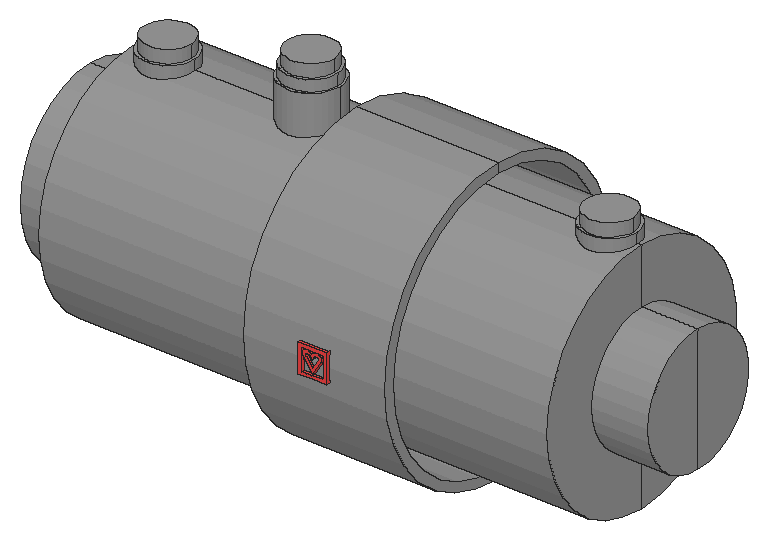
Revit family "Клапан предотвращения обратного потока 0307, внутренняя резьба х наружная резьба", category Rohrzubehör, Revit 2021
Family settings
  Bemaßung runder Anschluss = Durchmesser verwenden
  Teiletyp = Unterbricht
  OmniClass-Nummer = 23.65.55.14
  OmniClass-Titel = Valves for Liquid Services
  Arbeitsebenenbasiert = Nein
  Immer vertikal = Ja
  Beim Laden mit Abzugskörper schneiden = Nein
  Gemeinsam genutzt = Nein
Parameters (values of type "внутренняя резьба х наружная резьба DN40-DN40")
  Среда = "вода (не пар)"  # constant formula
  Примечание = "В соответствии со статьей 33 Регламента REACH (Registration; Evaluation; Authorisation; Restriction of Chemicals) (EC № 1907/2006) мы обязаны указать, что свинец внесен в список SVHC (Substances of Very High Concern - вещества очень высокой важности) и весовой процент свинца во всех латунных компонентах заводского изготовления в наших изделиях, превышает 0,1 % (w/w) (CAS: 7439-92-1 / EINECS: 231-100-4).\r\nПоскольку свинец является легирующим компонентом сплава, прямое негативное влияние исключается, и поэтому дополнительной информации о безопасном использовании не требуется."
  Область применения = "Клапан предотвращения обратного потока является экономически выгодным решением по дооснащению гидрантов арматурой, в соответствии с предписаниями DIN EN 1717, предотвращающей подсасывание непитьевой воды обратно в трубопровод питьевого водоснабжения.\r\nКлапан предотвращения обратного потока предназначается для установки в горизонтальном положении.\r\nДопускается также его вертикальное положение, но обязательно по направлению движения потока сверху вниз.\r\nКлапан не предусмотрен для установки на стояковых нагнетательных трубопроводах."
  Макс. рабочее давление = 1000000.0 Pa  # constant formula
  Макс. рабочая температура = 65 °C  # constant formula
  Корпус = "нержавеющая сталь"  # constant formula
  Исполнение = "Клапан предотвращения обратного потока ВА разработан согласно требованиям нормы DIN EN 1717.\r\nСогласно этой нормы качество воды, в зависимости от степени загрязнения, разделяется на 5 категорий.\r\nКлапан предотвращения обратного потока типа ВА обеспечивает защиту от непитьевой воды до 4 категории, - это самый высокий класс защиты, который может обеспечить арматура.\r\nБолее низкий уровень защиты, чем тот, что обеспечивается клапаном предотвращения обратного потока, не является стандартом и в случае аварии ответственность несёт потребитель такого гидранта.\r\nФункциональный узел представляет собой картридж с золотником больших размеров и защищающего от гидравлического удара спускного клапана.\r\nРезьбы соединения между собой взаимозаменяемы, при этом возможны 16 вариантов подключения (входная и выходная стороны могут быть с внутренней или наружной резьбой  1 1/2\" , как альтернатива,  с внутренней или наружной резьбой 2\")."
  Vorgabe-Ansicht = 0.000 mm
  URL = "www.herz-armaturen.ru"
  SCTWSEQ = "AW;SBT_TYP_AW=\"104\";2"
  SCTWCODE = "04;12;02"  # constant formula
  S03 = 15.000 mm  # constant formula
  S02 = 45.000 mm  # constant formula
  S01 = 98.000 mm  # constant formula
  Nennweite Ein [instance] = if(IG_AG_DN40_DN40, 40.000 mm, if(IG_AG_DN40_DN50, 40.000 mm, if(IG_AG_DN50_DN40, 50.000 mm, if(IG_AG_DN50_DN50, 50.000 mm, 0.000 mm))))  # 40.000 mm
  Nennweite Aus [instance] = if(IG_AG_DN40_DN40, 40.000 mm, if(IG_AG_DN40_DN50, 50.000 mm, if(IG_AG_DN50_DN40, 40.000 mm, if(IG_AG_DN50_DN50, 50.000 mm, 0.000 mm))))  # 40.000 mm
  Макс. допустимая рабочая температура (кратковременно) = 80 °C  # constant formula
  L08 = 45.000 mm  # constant formula
  L07 = 24.500 mm  # constant formula
  L06 = 70.000 mm  # constant formula
  L05 = 28.000 mm  # constant formula
  L04 = 13.500 mm  # constant formula
  L03 = 84.500 mm  # constant formula
  L02 = 18.000 mm  # constant formula
  L01 = 193.000 mm  # constant formula
  Hersteller = "HERZ Armaturen Ges.m.b.H."  # constant formula
  Положение при монтаже = "горизонтально или вертикально, с направлением потока сверху вниз"  # constant formula
  D03 [instance] = if(IG_AG_DN40_DN40, 28.000 mm, if(IG_AG_DN40_DN50, 28.000 mm, if(IG_AG_DN50_DN40, 33.000 mm, if(IG_AG_DN50_DN50, 33.000 mm, 0.000 mm))))  # 28.000 mm
  D02 = 45.000 mm  # constant formula
  D01 = 37.500 mm  # constant formula
  Номер заказа [instance] = if(IG_AG_DN40_DN40, "I030702", if(IG_AG_DN40_DN50, "I030710", if(IG_AG_DN50_DN40, "I030714", if(IG_AG_DN50_DN50, "I030706", "0"))))  # "I030702"
  IG_AG_DN50_DN50 = no
  IG_AG_DN50_DN40 = no
  IG_AG_DN40_DN50 = no
  IG_AG_DN40_DN40 = yes
  IG Ein [instance] = Nennweite Ein / 2  # 20.000 mm
  AG Aus [instance] = Nennweite Aus / 2  # 20.000 mm
Types (5, lengths in mm): name | Nennweite Ein | Nennweite Aus | D03 | Номер заказа | IG_AG_DN50_DN50 | IG_AG_DN50_DN40 | IG_AG_DN40_DN50 | IG_AG_DN40_DN40 | IG Ein | AG Aus
  (no name) | 40.000 | 40.000 | 28.000 | "I030702" | no | no | no | yes | 20.000 | 20.000
  внутренняя резьба х наружная резьба DN40-DN50 | 40.000 | 50.000 | 28.000 | "I030710" | no | no | yes | no | 20.000 | 25.000
  внутренняя резьба х наружная резьба DN40-DN40 | 40.000 | 40.000 | 28.000 | "I030702" | no | no | no | yes | 20.000 | 20.000
  внутренняя резьба х наружная резьба DN50-DN50 | 50.000 | 50.000 | 33.000 | "I030706" | yes | no | no | no | 25.000 | 25.000
  внутренняя резьба х наружная резьба DN50-DN40 | 50.000 | 40.000 | 33.000 | "I030714" | no | yes | no | no | 25.000 | 20.000
Reference planes
  plane 1 "Mitte (Vorne/hinten)": y = 0
  plane 2: z = 0
  plane 3 "Mitte (Links/rechts)": x = 0
Forms (mm)
  Revolve 1, solid, material "Messing, weicher Gelbton, geschweißt", detail levels fine
    sketch origin (0, 0, 0) x (1, 0, 0) y (0, 0, 1)
      loop
        line (96.5, 0) -> (96.5, 20) -> (78.5, 20) -> (78.5, 37.5) -> (-83, 37.5) -> (-83, 28) -> (-96.5, 28) -> (-96.5, 20) -> (-83, 20) -> (-83, 0) -> (96.5, 0)
      axis (-96.5, 0) -> (96.5, 0)
    angle from 0 to 360
  Revolve 2, solid, material "Acetalharz, Schwarz", detail levels fine
    sketch origin (0, 0, 0) x (1, 0, 0) y (0, 0, 1)
      loop
        line (-12, 0) -> (1.5, 0) -> (1.5, 42) -> (33, 42) -> (33, 45) -> (-12, 45) -> (-12, 0)
      axis (-12, 0) -> (33, 0)
    angle from 0 to 360
  Extrusion 3, solid, material "Messing, weicher Gelbton, geschweißt", detail levels fine
    sketch origin (0, 0, 0) x (1, 0, 0) y (0, 1, 0)
      loop
        circle (-72, 0) r 8.5
      loop
        circle (68.5, 0) r 8.5
    from 0 to 40.5
  Extrusion 4, solid, material "Acetalharz, Schwarz", detail levels fine
    sketch origin (0, 0, 0) x (1, 0, 0) y (0, 1, 0)
      loop
        circle (-72, 0) r 7.5
      loop
        circle (68.5, 0) r 7.5
    from 40.5 to 44.5
  Extrusion 5, solid, material "Messing, weicher Gelbton, geschweißt", detail levels fine
    sketch origin (0, 0, 0) x (1, 0, 0) y (0, 1, 0)
      loop
        circle (-26.5, 0) r 9.3
    from 0 to 49
  Extrusion 6, solid, material "Messing, weicher Gelbton, geschweißt", detail levels fine
    sketch origin (0, 0, 0) x (1, 0, 0) y (0, 1, 0)
      loop
        circle (-26.5, 0) r 8.5
    from 49 to 52.5
  Extrusion 7, solid, material "Acetalharz, Schwarz", visible <- "IG_AG_DN40_DN50", detail levels fine
    sketch origin (0, 0, 0) x (1, 0, 0) y (0, 1, 0)
      loop
        circle (-26.5, 0) r 7.5
    from 52.5 to 56.5
  Extrusion 8, solid, material "Acetalharz, Schwarz", visible <- "IG_AG_DN40_DN40", detail levels fine
    sketch origin (0, 0, 0) x (1, 0, 0) y (0, 1, 0)
      loop
        circle (-26.5, 0) r 7.5
    from 52.5 to 56.4
  Extrusion 9, solid, material "Acetalharz, Schwarz", visible <- "IG_AG_DN50_DN50", detail levels fine
    sketch origin (0, 0, 0) x (1, 0, 0) y (0, 1, 0)
      loop
        circle (-26.5, 0) r 7.5
    from 52.5 to 56.3
  Extrusion 10, solid, material "Acetalharz, Schwarz", visible <- "IG_AG_DN50_DN40", detail levels fine
    sketch origin (0, 0, 0) x (1, 0, 0) y (0, 1, 0)
      loop
        circle (-26.5, 0) r 7.5
    from 52.5 to 56.2
Lines and regions (mm)
  model lines, detail levels coarse+medium
    curve 1: line (-96.5, 0, 37.5) -> (96.5, 0, 37.5)
    curve 2: line (-96.5, 0, -37.5) -> (-96.5, 0, 37.5)
    curve 3: line (96.5, 0, -37.5) -> (-96.5, 0, -37.5)
    curve 4: line (96.5, 0, 37.5) -> (96.5, 0, -37.5)
    curve 5: line (-96.5, 0, -22.5) -> (-51.5, 0, -22.5)
    curve 6: line (-1.5, 0, -22.5) -> (96.5, 0, -22.5)
    curve 7: line (-96.5, 0, 22.5) -> (-51.5, 0, 22.5)
    curve 8: line (-1.5, 0, 22.5) -> (96.5, 0, 22.5)
    curve 9: line (-96.5, 37.5, 0) -> (96.5, 37.5, 0)
    curve 10: line (-96.5, -37.5, 0) -> (-96.5, 37.5, 0)
    curve 11: line (96.5, -37.5, 0) -> (-96.5, -37.5, 0)
    curve 12: line (96.5, 37.5, 0) -> (96.5, -37.5, 0)
    curve 13: line (-96.5, 22.5, 0) -> (-51.5, 22.5, 0)
    curve 14: line (-1.5, 22.5, 0) -> (96.5, 22.5, 0)
    curve 15: line (-96.5, -22.5, 0) -> (-51.5, -22.5, 0)
    curve 16: line (-1.5, -22.5, 0) -> (96.5, -22.5, 0)
Dimensions and locks
  equal spacing: curve 4, plane 3 "Mitte (Links/rechts)", curve 2
  "L01": curve 4 to curve 2
  "D01": curve 1 to plane 2 to curve 3
  "S03": curve 5 to curve 3
  "S03": curve 1 to curve 7
  "S03": curve 1 to curve 8
  "S03": curve 6 to curve 3
  "S02": curve 5 to curve 2
  "S02": curve 7 to curve 2
  "S01": curve 8 to curve 4
  "S01": curve 6 to curve 4
  equal spacing: curve 10, plane 3 "Mitte (Links/rechts)", curve 12
  "L01": curve 10 to curve 12
  "D01": curve 11 to plane 1 "Mitte (Vorne/hinten)" to curve 9
  "S03": curve 13 to curve 9
  "S03": curve 11 to curve 15
  "S03": curve 14 to curve 9
  "S03": curve 11 to curve 16
  "S01": curve 14 to curve 12
  "S01": curve 16 to curve 12
  "S02": curve 10 to curve 15
  "S02": curve 10 to curve 13
  "D02": Revolve 2 sketch curve to Revolve 2 sketch curve
  equal spacing: Revolve 2, nested 1, Revolve 2
  "D02": nested 1 to plane 1 "Mitte (Vorne/hinten)"
  Revolve 1 sketch curve to Revolve 1 sketch curve = 193.000 mm
  "AG Aus": Revolve 1 sketch curve to Revolve 1 sketch curve
  "IG Ein": Revolve 1 sketch curve to plane 2
  "D03": Revolve 1 sketch curve to plane 2
  "D01": Revolve 1 sketch curve to plane 2
  "L03": Revolve 1 to Revolve 2 sketch curve
  "L07": Revolve 1 to Extrusion 3 sketch curve
  "L05": Extrusion 3 sketch curve to Revolve 1
  "L05": Extrusion 4 sketch curve to Revolve 1
  "L07": Revolve 1 to Extrusion 4 sketch curve
  "L06": Revolve 1 to Extrusion 5 sketch curve
  "L06": Revolve 1 to Extrusion 6 sketch curve
  "L06": Revolve 1 to Extrusion 10 sketch curve
  "L06": Revolve 1 to Extrusion 9 sketch curve
  "L06": Revolve 1 to Extrusion 8 sketch curve
  "L06": Revolve 1 to Extrusion 7 sketch curve
  "L08": Revolve 2 sketch curve to Revolve 2 sketch curve
  aligned and locked: level to plane 2
Automatic sketch dimensions
  Revolve 1 sketch curve to level = 0.000 mm  (x2)
  Revolve 1 sketch curve to plane 3 "Mitte (Links/rechts)" = 96.500 mm
  Revolve 1 sketch curve to Revolve 1 sketch curve = 13.500 mm
  Revolve 1 sketch curve to Revolve 1 sketch curve = 0.000 mm
  plane 3 "Mitte (Links/rechts)" to Revolve 1 sketch curve = 78.500 mm
  Revolve 1 sketch curve to Revolve 1 sketch curve = 18.000 mm
  Revolve 1 sketch curve to Revolve 1 sketch curve = 1408.530 mm
  Revolve 1 sketch curve to Revolve 1 sketch curve = 1741.148 mm
  Revolve 2 sketch curve to level = 0.000 mm  (x2)
  plane 3 "Mitte (Links/rechts)" to Revolve 2 sketch curve = 1.500 mm
  Revolve 2 sketch curve to Revolve 2 sketch curve = 3.000 mm
  Revolve 2 sketch curve to Revolve 2 sketch curve = 1496.030 mm
  Revolve 2 sketch curve to Revolve 2 sketch curve = 1804.648 mm
  plane 1 "Mitte (Vorne/hinten)" to Extrusion 3 sketch curve = 0.000 mm  (x2)
  plane 1 "Mitte (Vorne/hinten)" to Extrusion 4 sketch curve = 0.000 mm  (x2)
  plane 1 "Mitte (Vorne/hinten)" to Extrusion 5 sketch curve = 0.000 mm
  plane 1 "Mitte (Vorne/hinten)" to Extrusion 6 sketch curve = 0.000 mm
  plane 1 "Mitte (Vorne/hinten)" to Extrusion 7 sketch curve = 0.000 mm
  plane 1 "Mitte (Vorne/hinten)" to Extrusion 8 sketch curve = 0.000 mm
  plane 1 "Mitte (Vorne/hinten)" to Extrusion 9 sketch curve = 0.000 mm
  plane 1 "Mitte (Vorne/hinten)" to Extrusion 10 sketch curve = 0.000 mm
  radius of Extrusion 3 sketch curve = 8.500 mm  (x2)
  radius of Extrusion 4 sketch curve = 7.500 mm  (x2)
  radius of Extrusion 5 sketch curve = 9.300 mm
  radius of Extrusion 6 sketch curve = 8.500 mm
  radius of Extrusion 7 sketch curve = 7.500 mm
  radius of Extrusion 8 sketch curve = 7.500 mm
  radius of Extrusion 9 sketch curve = 7.500 mm
  radius of Extrusion 10 sketch curve = 7.500 mm
Nested families
  nested 1: "Herz-Logo-vorne" at (10.5, -45, 0) x (0, 1, 0) z (0, 0, 1), type "Herz-Logo-vorne", detail levels fine
Connectors
  piping at (-83, 0, 0), diameter 40, driven by "Nennweite Ein"
    settings: on Revolve 1, index 1, connector inside diameter 609.6 mm, connector length 0.000 mm, flow factor 0, pipe flow 0.0 L/s, pressure drop 0.0 Pa, fitting loss kfactor 0, connector angle 0.00°, fixture units 0, engagement length 0.000 mm, angle of deflection 0.00°, flow configuration 0, flow direction 1, fitting loss method 0, system type 29, joint type 0, gender type 0, connector reference index -1, connector utility 0, adjustable connector no, is connector primary yes, connector description ""
  piping at (96.5, 0, 0), diameter 40, driven by "Nennweite Aus"
    settings: on Revolve 1, index 2, connector inside diameter 609.6 mm, connector length 0.000 mm, flow factor 0, pipe flow 0.0 L/s, pressure drop 0.0 Pa, fitting loss kfactor 0, connector angle 0.00°, fixture units 0, engagement length 0.000 mm, angle of deflection 0.00°, flow configuration 0, flow direction 2, fitting loss method 0, system type 29, joint type 0, gender type 0, connector reference index -1, connector utility 0, adjustable connector no, is connector primary no, connector description ""
Definition of nested family "Herz-Logo-vorne"
  Parameters (values of type "Herz-Logo-vorne")
    Default Elevation = 0.000 mm
  Reference planes
    plane 1 "Mitte (Vorne/hinten)": y = 0
    plane 2: z = 0
    plane 3 "Mitte (Links/rechts)": x = 0
  Forms (mm)
    Extrusion 1, solid
      sketch origin (0.732, -0.018, 0.017) x (0, -1, 0) y (0, 0, 1)
        loop
          line (-0.018, -4.517) -> (4.482, -4.517) -> (4.482, 4.483) -> (-4.518, 4.483) -> (-4.518, -4.517) -> (-0.018, -4.517)
        loop
          line (-0.05, -3.48) -> (3.482, -3.48) -> (3.482, 3.483) -> (-3.518, 3.483) -> (-3.518, -3.48) -> (-0.05, -3.48)
        loop
          arc (-0.018, 2.383) -> (-1.543, 3.287) -> (-3.067, 2.383) r 1.738
          arc (-3.067, 2.383) -> (-3.191, 1.899) -> (-3.067, 1.415) r 1.009
          line (-3.067, 1.415) -> (-0.018, -3.281) -> (3.032, 1.415)
          arc (3.032, 1.415) -> (3.156, 1.899) -> (3.032, 2.383) r 1.009
          arc (3.032, 2.383) -> (1.507, 3.287) -> (-0.018, 2.383) r 1.738
        loop
          arc (1.885, 1.272) -> (2.005, 1.675) -> (1.885, 2.079) r 0.74
          arc (1.885, 2.079) -> (1.265, 2.416) -> (0.644, 2.079) r 0.74
          line (0.644, 2.079) -> (-0.018, 0.97) -> (-0.679, 2.079)
          arc (-0.679, 2.079) -> (-1.3, 2.416) -> (-1.921, 2.079) r 0.74
          arc (-1.921, 2.079) -> (-2.04, 1.675) -> (-1.921, 1.272) r 0.74
          line (-1.921, 1.272) -> (-0.018, -1.658) -> (1.885, 1.272)
      from 0 to 1.5
  Dimensions and locks
    aligned and locked: level to plane 2
